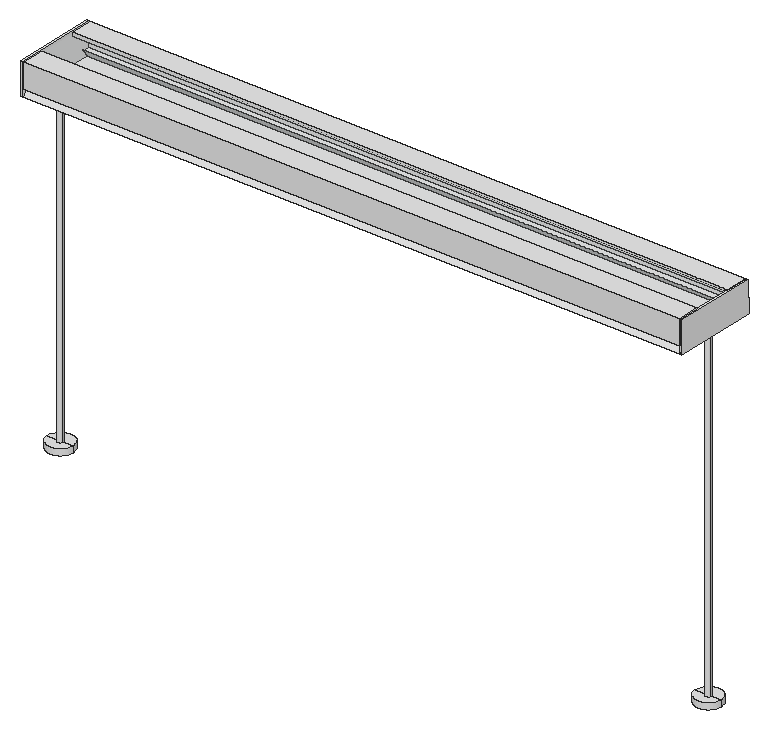
Revit family "L-12", category Lighting Fixtures, host Face, Revit 2012
Parameters (values of type "L-12-4'")
  Voltage = 120 V
  Photometric Web = Web L12 : p_id_l12_04_sof_lpa_35k_i10_d15
  Pendant Height [instance] = 2' - 0"
  Pendant Gap [instance] = Length - 0' 1"  # 3' - 11"
  Nominal Watts = 37 W
  Length = 4' - 0"
  Wattage Comments = ""
  URL = "http://www.litecontrol.com/"
  Product Page URL = "http://www.litecontrol.com/rail"
  Product Documentation Link = "http://www.litecontrol.com/stuff/contentmgr/files/1/535ff6d4f17456fcb937b54e95219381/file/p_id_l11__p_id_l12_rail.pdf"
  Model = "L12"  # constant formula
  Manufacturer Phone = "781-294-0100"  # constant formula
  Manufacturer Fax = "781-293-2849"  # constant formula
  Manufacturer = "Litecontrol Lighting"  # constant formula
  Lamp = "LED"
  Glass = White Glass
  Description = "An extremely versatile fixture family, Knife & Rail provide a wide range of light outputs, luminaire distributions and fixture designs to meet a variety of application needs. "  # constant formula
  Default Elevation = 4' - 0"
  Backbox = White
  Apparent Load = 0 VA
Types (3): name | Photometric Web | Pendant Gap | Length
  (no name) | Web L12 : p_id_l12_04_sof_lpa_35k_i10_d15 | 3' - 11" | 4' - 0"
  L-12-4' | Web L12 : p_id_l12_04_sof_lpa_35k_i10_d15 | 3' - 11" | 4' - 0"
  L-12-8' | Web L12 : p_id_l12_04_sof_lpa_35k_i10_d35 | 7' - 11" | 8' - 0"
Reference planes (in)
  plane 1 "Center (Front/Back)": y = 13.01342
  plane 2: z = 0
  plane 3 "Center (Left/Right)": x = 0
  plane 4: z = 24
  plane 5: x = -24
  plane 6: x = 24
  plane 7: x = -23.5
  plane 8: x = 23.5
Forms (in)
  Revolve 1, solid, material "White" <- "Backbox"
    sketch origin (-5.75, 13.01342, 0) x (-1, 0, 0) y (0, 0, 1)
      loop
        line (-29.25, 24) -> (-29.25, 0) -> (-28.30327, 0) -> (-28.30327, 0.42674) -> (-29.05327, 0.42674) -> (-29.05327, 23.95144) -> (-29, 23.95144) -> (-29, 24) -> (-29.25, 24)
      axis (-29.25, 24) -> (-29.25, 0)
    angle from 0 to 360
  Revolve 2, solid, material "White" <- "Backbox"
    sketch origin (16, 13.01342, 0) x (1, 0, 0) y (0, 0, 1)
      loop
        line (-39.5, 24) -> (-39.5, 0) -> (-38.55327, 0) -> (-38.55327, 0.42674) -> (-39.30327, 0.42674) -> (-39.30327, 23.95144) -> (-39.25, 23.95144) -> (-39.25, 24) -> (-39.5, 24)
      axis (-39.5, 24) -> (-39.5, 0)
    angle from 0 to 360
Dimensions and locks (in)
  "Pendant Height": plane 4 to level
  equal spacing: plane 6, plane 3 "Center (Left/Right)", plane 5
  "Length": plane 6 to plane 5
  locked: Revolve 1 sketch curve to Revolve 1 sketch curve at 0.04856
  locked: Revolve 1 sketch curve to Revolve 1 sketch curve at 0.42674
  locked: Revolve 1 sketch curve to Revolve 1 sketch curve at 0.75
  locked: Revolve 1 sketch curve to Revolve 1 sketch curve at 0.05327
  locked: Revolve 1 sketch curve to Revolve 1 sketch curve at 0.19673
  locked: Revolve 2 sketch curve to Revolve 2 sketch curve at 0.04856
  locked: Revolve 2 sketch curve to Revolve 2 sketch curve at 0.42674
  locked: Revolve 2 sketch curve to Revolve 2 sketch curve at 0.75
  locked: Revolve 2 sketch curve to Revolve 2 sketch curve at 0.05327
  locked: Revolve 2 sketch curve to Revolve 2 sketch curve at 0.19673
  equal spacing: plane 8, plane 3 "Center (Left/Right)", plane 7
  "Pendant Gap": plane 8 to plane 7
  aligned and locked: plane 2 to host face
  aligned and locked: level to host face
  aligned and locked: Revolve 1 sketch curve to Revolve 1 sketch curve
  aligned and locked: Revolve 2 sketch curve to Revolve 2 sketch curve
  aligned and locked: Revolve 2 sketch curve to plane 7
  aligned and locked: Revolve 1 sketch curve to plane 8
  aligned and locked: Revolve 2 sketch curve to plane 4
  aligned and locked: level to Revolve 2 sketch curve
  aligned and locked: plane 4 to Revolve 1 sketch curve
  aligned and locked: Revolve 1 sketch curve to level
  aligned and locked: plane 3 "Center (Left/Right)" to nested 1
  aligned and locked: plane 1 "Center (Front/Back)" to nested 1
  aligned and locked: nested 2 to plane 3 "Center (Left/Right)"
  aligned and locked: nested 2 to plane 1 "Center (Front/Back)"
Automatic sketch dimensions
  host sketch curve to host sketch curve = 8' - 0"  (x2)
  Revolve 1 sketch curve to Revolve 1 sketch curve = 0' - 2.74446"
  Revolve 1 sketch curve to Revolve 1 sketch curve = 0' - 10.57881"
  Revolve 2 sketch curve to Revolve 2 sketch curve = 0' - 9.03383"
  Revolve 2 sketch curve to Revolve 2 sketch curve = 0' - 11.53943"
Nested families (in)
  nested 1: "L12  Light" at (-0.01104, 12.97343, 24), Glass <- "Glass", Backbox <- "Backbox", Length <- "Length", type "L12  Light"
    with Length 4' - 0", Glass White Glass, Backbox White
  nested 2: "Web L12" at (-0.23896, 13.05341, 26.125) x (-1, 0, 0) z (0, 0, 1), type <- "Photometric Web", type "p_id_l12_04_sof_lpa_35k_i10_d15"
Connectors (in)
  electrical at (0, 13.01342, 24), driven by "Description", driven by "Voltage"
    settings: on nested 1, index 1, voltage 120 V, apparent load 0 VA, apparent load phase1 0 VA, apparent load phase2 0 VA, apparent load phase3 0 VA, power factor 1, load classification "Other", number of poles 1, system type 30, power factor state 1, is connector primary yes, connector utility no, sub classification motor no, connector description "An extremely versatile fixture family, Knife & Rail provide a wide range of light outputs, luminaire distributions and fixture designs to meet a variety of application needs. "
Definition of nested family "L12  Light"
  Parameters (values of type "L12  Light")
    Wattage Comments = "235W"
    URL = "http://www.columbialighting.com/"
    Product Page URL = "http://www.columbialighting.com/products/lhv"
    Product Documentation Link = "http://www.columbialighting.com/content/products/specs/specs_files/lhv4_4.pdf"
    Model = "LLHV"  # constant formula
    Manufacturer Phone = "864-678-1000"  # constant formula
    Manufacturer Fax = "866-898-1065"  # constant formula
    Manufacturer = "Columbia Lighting"  # constant formula
    Length [instance] = 4' - 0"
    Lamp = "LED"
    Glass [instance] = Glass
    Description = "VersaBay® luminaires are the new industry standard for fluorescent high bay lighting with Advanced Thermal Management, serviceability, and performance that is unrivaled in the marketplace."  # constant formula
    Default Elevation = 4' - 0"
    Backbox [instance] = White
    Apparent Load = 0 VA
  Reference planes (in)
    plane 1 "Center (Front/Back)": y = 0.03999
    plane 2: z = 0
    plane 3 "Center (Left/Right)": x = 0.01104
    plane 4: y = 8.13374
    plane 5: y = -8.05376
    plane 6: z = 2.25
    plane 7: z = 2.125
    plane 8: x = -23.98896
    plane 9: x = 24.01104
    plane 10: x = -23.78896
    plane 11: x = 23.81104
    plane 12: y = 1.41499
    plane 13: y = -1.33501
    plane 14: z = 0.125
    plane 15: y = -2.96001
    plane 16: y = 3.03999
    plane 17: z = 2
    plane 18: y = 2.91499
    plane 19: y = -2.83501
    plane 20: z = 0.625
    plane 21: z = 0.5
    plane 22: through (0, 2.70051, 0.5) normal (0, -0.8273, -0.5617)
    plane 23: through (0, -2.96001, 0) normal (0, 0.8273, -0.5617)
    plane 24: through (0, 2.80403, 0.125) normal (0, 0.8273, 0.5617)
    plane 25: through (0, -2.38457, 0.625) normal (0, -0.8273, 0.5617)
  Forms (in)
    Extrusion 1, solid
      sketch origin (0, 0, 0.06357) x (1, 0, 0) y (0, 1, 0)
        loop
          line (-48, 48) -> (-48, -48) -> (48, -48) -> (48, 48) -> (-48, 48)
      from -0.06357 to -12.81105
    Extrusion 2, solid, material "White" <- "Backbox"
      sketch origin (23.81104, -180, 29.46954) x (0, 0, 1) y (0, -1, 0)
        loop
          line (-27.21954, -183.03999) -> (-27.21954, -177.03999) -> (-29.46954, -177.03999) -> (-29.46954, -183.03999) -> (-27.21954, -183.03999)
      from 0 to 0.2
    Extrusion 3, solid, material "White" <- "Backbox"
      sketch origin (-23.78896, -180, 28.85133) x (0, 0, 1) y (0, -1, 0)
        loop
          line (-26.60133, -183.03999) -> (-26.60133, -177.03999) -> (-28.85133, -177.03999) -> (-28.85133, -183.03999) -> (-26.60133, -183.03999)
      from 0 to -0.2
    Extrusion 4, solid, material "Glass" <- "Glass"
      sketch origin (-23.78896, 8.13374, 2) x (0, -1, 0) y (1, 0, 0)
        loop
          line (6.71875, 0) -> (9.46875, 0) -> (9.46875, 47.6) -> (6.71875, 47.6) -> (6.71875, 0)
      from 0.125 to 0
    Extrusion 5, solid, material "White" <- "Backbox"
      sketch origin (0.01104, 0, 0) x (0, 1, 0) y (0, 0, 1)
        loop
          line (3.03999, 2.25) -> (1.41499, 2.25) -> (1.41499, 2) -> (2.91499, 2) -> (2.91499, 0.625) -> (2.46455, 0.625) -> (2.80403, 0.125) -> (-2.72405, 0.125) -> (-2.38457, 0.625) -> (-2.83501, 0.625) -> (-2.83501, 2) -> (-1.33501, 2) -> (-1.33501, 2.25) -> (-2.96001, 2.25) -> (-2.96001, 0.5) -> (-2.62053, 0.5) -> (-2.96001, 0) -> (3.03999, 0) -> (2.70051, 0.5) -> (3.03999, 0.5) -> (3.03999, 2.25)
      from -23.8 to 23.8
  Cuts and joins
    joined: Extrusion 2, Extrusion 3
  Dimensions and locks (in)
    locked: plane 6 to Extrusion 1 at 2.25
    locked: plane 6 to plane 7 at 0.125
    "Length": plane 9 to plane 8
    locked: plane 10 to plane 8 at 0.2
    locked: plane 9 to plane 11 at 0.2
    equal spacing: plane 9, plane 3 "Center (Left/Right)", plane 8
    locked: plane 14 to Extrusion 1 at 0.125
    locked: plane 12 to plane 13 at 2.75
    equal spacing: plane 12, plane 1 "Center (Front/Back)", plane 13
    plane 16 to plane 1 "Center (Front/Back)" to plane 15 = 0' - 3" locked, 0' - 3" locked
    locked: plane 7 to plane 17 at 0.125
    locked: plane 16 to plane 18 at 0.125
    locked: plane 19 to plane 15 at 0.125
    plane 20 to plane 21 to Extrusion 1 = 0' - 0 1/8" locked, 0' - 0 1/2" locked
    locked: plane 24 to plane 22 at 0.125
    locked: plane 23 to plane 25 at 0.125
    locked: Extrusion 1 to plane 22 (angle 55.8249°)
    locked: plane 23 to Extrusion 1 (angle 55.8249°)
    aligned and locked: plane 2 to Extrusion 1
    aligned and locked: plane 9 to cut or joined group of Extrusion 2, Extrusion 3
    aligned and locked: cut or joined group of Extrusion 2, Extrusion 3 to plane 8
    aligned and locked: Extrusion 5 to plane 10
    aligned and locked: plane 11 to Extrusion 5
    aligned and locked: plane 12 to Extrusion 4 sketch curve
    aligned and locked: plane 13 to Extrusion 4 sketch curve
    aligned and locked: Extrusion 3 to Extrusion 4
    aligned and locked: Extrusion 2 to Extrusion 4
    aligned and locked: Extrusion 2 to plane 11
    aligned and locked: plane 6 to Extrusion 5 sketch curve
    aligned and locked: plane 16 to Extrusion 5 sketch curve
    aligned and locked: Extrusion 5 sketch curve to level
    aligned and locked: Extrusion 5 sketch curve to plane 15
    aligned and locked: Extrusion 5 sketch curve to plane 17  (x2)
    aligned and locked: plane 14 to Extrusion 5 sketch curve
    aligned and locked: Extrusion 5 to Extrusion 4
    aligned and locked: plane 7 to Extrusion 4
    aligned and locked: Extrusion 5 sketch curve to plane 21
    aligned and locked: plane 21 to Extrusion 5 sketch curve
    aligned and locked: plane 23 to Extrusion 5 sketch curve
    aligned and locked: Extrusion 5 sketch curve to plane 22
    aligned and locked: plane 19 to Extrusion 5
    aligned and locked: plane 18 to Extrusion 5
    aligned and locked: plane 24 to Extrusion 5 sketch curve
    aligned and locked: Extrusion 5 sketch curve to plane 25
    aligned and locked: Extrusion 3 sketch curve to Extrusion 5  (x2)
    aligned and locked: Extrusion 3 sketch curve to plane 15
    aligned and locked: Extrusion 3 to level
    aligned and locked: Extrusion 2 sketch curve to cut or joined group of Extrusion 2, Extrusion 3  (x4)
    aligned and locked: plane 10 to Extrusion 3
  Automatic sketch dimensions
    Extrusion 1 sketch curve to Extrusion 1 sketch curve = 8' - 0"  (x2)
    plane 10 to Extrusion 4 sketch curve = 0' - 0"
    Extrusion 4 sketch curve to plane 11 = 0' - 0"
    Extrusion 5 sketch curve to plane 20 = 0' - 0"  (x2)
    Extrusion 5 sketch curve to plane 13 = 0' - 0"
    Extrusion 5 sketch curve to plane 12 = 0' - 0"
    plane 18 to Extrusion 5 sketch curve = 0' - 0"
    plane 6 to Extrusion 5 sketch curve = 0' - 0"
    plane 19 to Extrusion 5 sketch curve = 0' - 0"
    Extrusion 3 sketch curve to level = 0' - 0"
Definition of nested family "Web L12"
  Parameters (values of type "p_id_l12_04_sof_lpa_35k_i10_d05")
    Wattage Comments = ""
    Wattage = 9 W
    built-in parameter 1150110 = 1 (stored number, unit not read)
    URL = ""
    built-in parameter 1114217 = 1 (stored number, unit not read)
    Tilt Angle = -90.00°
    built-in parameter 1150109 = 1 (stored number, unit not read)
    built-in parameter 1150134 = 12
    built-in parameter 1150113 = 1 (stored number, unit not read)
    Product Page URL = ""
    Product Documentation Link = ""
    Photometric Web File = "p_id_l12_04_sof_lpa_35k_i10_d05.ies"
    Model = ""
    Manufacturer Phone = ""
    Manufacturer Fax = ""
    Manufacturer = "Lite Control Lighting"  # constant formula
    built-in parameter 1150105 = 57.948 (stored number, unit not read)
    Lumens = 728.19 lm
    built-in parameter 1150115 = 1 (stored number, unit not read)
    built-in parameter 1150137 = (empty or 0)
    built-in parameter 1150139 = (empty or 0)
    built-in parameter 1150112 = 1 (stored number, unit not read)
    built-in parameter 1150114 = 1 (stored number, unit not read)
    Lamp = ""
    built-in parameter 1150132 = (empty or 0)
    built-in parameter 1150102 = (empty or 0)
    built-in parameter 1150107 = 4000 (stored number, unit not read)
    built-in parameter 1150138 = (empty or 0)
    built-in parameter 1150106 = 0.57948 (stored number, unit not read)
    Emit from Line Length = 0' - 3"
    built-in parameter 1150104 = 7.5168 (stored number, unit not read)
    Dimming Lamp Color Temperature Shift = (empty or 0)
    Description = ""
    Default Elevation = 4' - 0"
    Color Filter = 16777215
    built-in parameter 1114218 = 1 (stored number, unit not read)
    built-in parameter 1150133 = 10 (stored number, unit not read)
  Types (16): name | Photometric Web File
    p_id_l12_04_sof_lpa_35k_i10_d05 | "p_id_l12_04_sof_lpa_35k_i10_d05.ies"
    p_id_l12_04_sof_lpa_35k_i10_d15 | "p_id_l12_04_sof_lpa_35k_i10_d15.ies"
    p_id_l12_04_sof_lpa_35k_i10_d25 | "p_id_l12_04_sof_lpa_35k_i10_d25.ies"
    p_id_l12_04_sof_lpa_35k_i10_d35 | "p_id_l12_04_sof_lpa_35k_i10_d35.ies"
    p_id_l12_04_sof_lpa_35k_i20_d05 | "p_id_l12_04_sof_lpa_35k_i20_d05.ies"
    p_id_l12_04_sof_lpa_35k_i20_d15 | "p_id_l12_04_sof_lpa_35k_i20_d15.ies"
    p_id_l12_04_sof_lpa_35k_i20_d25 | "p_id_l12_04_sof_lpa_35k_i20_d25.ies"
    p_id_l12_04_sof_lpa_35k_i20_d35 | "p_id_l12_04_sof_lpa_35k_i20_d35.ies"
    p_id_l12_04_sof_lpa_35k_i30_d05 | "p_id_l12_04_sof_lpa_35k_i30_d05.ies"
    p_id_l12_04_sof_lpa_35k_i30_d15 | "p_id_l12_04_sof_lpa_35k_i30_d15.ies"
    p_id_l12_04_sof_lpa_35k_i30_d25 | "p_id_l12_04_sof_lpa_35k_i30_d25.ies"
    p_id_l12_04_sof_lpa_35k_i30_d35 | "p_id_l12_04_sof_lpa_35k_i30_d35.ies"
    p_id_l12_04_sof_lpa_35k_i40_d05 | "p_id_l12_04_sof_lpa_35k_i40_d05.ies"
    p_id_l12_04_sof_lpa_35k_i40_d15 | "p_id_l12_04_sof_lpa_35k_i40_d15.ies"
    p_id_l12_04_sof_lpa_35k_i40_d25 | "p_id_l12_04_sof_lpa_35k_i40_d25.ies"
    p_id_l12_04_sof_lpa_35k_i40_d35 | "p_id_l12_04_sof_lpa_35k_i40_d35.ies"
  Reference planes (in)
    plane 1 "Center (Front/Back)": y = 0.03999
    plane 2: z = 0
    plane 3 "Center (Left/Right)": x = -0.23896
  Forms (in)
    Extrusion 1, solid
      sketch origin (0, 0, 0.06357) x (1, 0, 0) y (0, 1, 0)
        loop
          line (-48, 48) -> (-48, -48) -> (48, -48) -> (48, 48) -> (-48, 48)
      from -0.06357 to -6.06357
  Lines and regions (in)
    reference lines
      curve 1: line (-0.23896, 0.03999, 18.11448) -> (-0.23896, 0.03999, -22.88552)
      curve 2: line (-0.23896, 0.03999, 34) -> (-0.23896, 0.03999, -22.88552)
  Dimensions and locks (in)
    aligned and locked: plane 2 to Extrusion 1
    aligned and locked: level to Extrusion 1
    aligned and locked: Extrusion 1 to imposter light
    aligned and locked: plane 3 "Center (Left/Right)" to imposter light
    aligned and locked: imposter light to plane 1 "Center (Front/Back)"
    aligned and locked: curve 1 to plane 3 "Center (Left/Right)"
    aligned and locked: plane 1 "Center (Front/Back)" to curve 2
